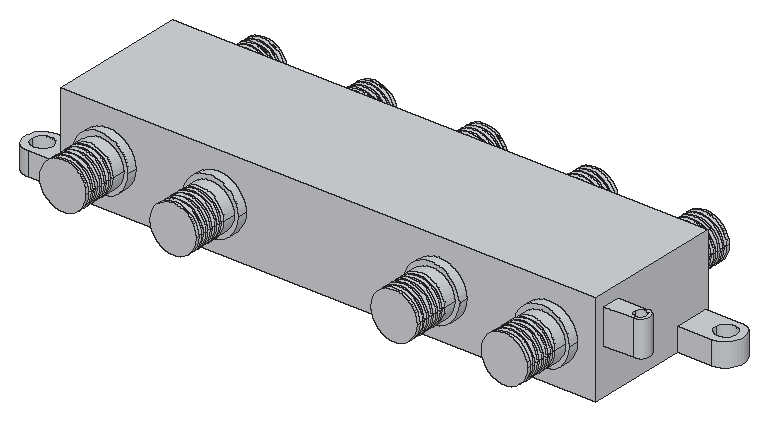
Revit family "Repetidor 812 ", category Aparatos eléctricos, Revit 2019 (continued)
Automatic sketch dimensions
  Revolve 43 sketch curve to Revolve 43 sketch curve = 0.97 mm
  Revolve 43 sketch curve to Revolve 43 sketch curve = 10.574 mm
  Revolve 44 sketch curve to Revolve 44 sketch curve = 0.79 mm
  Revolve 44 sketch curve to Revolve 44 sketch curve = 0.456 mm
  Revolve 44 sketch curve to Revolve 44 sketch curve = 0.912 mm
  Revolve 44 sketch curve to Revolve 44 sketch curve = 5.00 mm
  Revolve 44 sketch curve to Revolve 44 sketch curve = 2.082 mm
  Revolve 44 sketch curve to Revolve 44 sketch curve = 9.461 mm
  Revolve 45 sketch curve to Revolve 45 sketch curve = 0.79 mm
  Revolve 45 sketch curve to Revolve 45 sketch curve = 0.456 mm
  Revolve 46 sketch curve to Revolve 46 sketch curve = 0.79 mm
  Revolve 46 sketch curve to Revolve 46 sketch curve = 0.456 mm
  Revolve 46 sketch curve to Revolve 46 sketch curve = 4.21 mm
  Revolve 47 sketch curve to Revolve 47 sketch curve = 0.79 mm
  Revolve 47 sketch curve to Revolve 47 sketch curve = 0.456 mm
  Revolve 47 sketch curve to Revolve 47 sketch curve = 4.21 mm
  Revolve 47 sketch curve to Revolve 47 sketch curve = 4.318 mm
  Revolve 48 sketch curve to Revolve 48 sketch curve = 0.79 mm
  Revolve 48 sketch curve to Revolve 48 sketch curve = 0.456 mm
  Revolve 48 sketch curve to Revolve 48 sketch curve = 3.118 mm
  Revolve 45 sketch curve to Revolve 45 sketch curve = 0.912 mm
  Revolve 45 sketch curve to Revolve 45 sketch curve = 5.00 mm
  Revolve 45 sketch curve to Revolve 45 sketch curve = 3.282 mm
  Revolve 45 sketch curve to Revolve 45 sketch curve = 8.261 mm
  Revolve 46 sketch curve to Revolve 46 sketch curve = 0.912 mm
  Revolve 46 sketch curve to Revolve 46 sketch curve = 4.482 mm
  Revolve 46 sketch curve to Revolve 46 sketch curve = 5.518 mm
  Revolve 47 sketch curve to Revolve 47 sketch curve = 0.912 mm
  Revolve 47 sketch curve to Revolve 47 sketch curve = 5.682 mm
  Revolve 48 sketch curve to Revolve 48 sketch curve = 0.912 mm
  Revolve 48 sketch curve to Revolve 48 sketch curve = 4.21 mm
  Revolve 48 sketch curve to Revolve 48 sketch curve = 6.882 mm
  Revolve 51 sketch curve to Revolve 51 sketch curve = 0.79 mm
  Revolve 51 sketch curve to Revolve 51 sketch curve = 0.456 mm
  Revolve 51 sketch curve to Revolve 51 sketch curve = 0.912 mm
  Revolve 51 sketch curve to Revolve 51 sketch curve = 5.00 mm
  Revolve 51 sketch curve to Revolve 51 sketch curve = 0.97 mm
  Revolve 51 sketch curve to Revolve 51 sketch curve = 10.574 mm
  Revolve 52 sketch curve to Revolve 52 sketch curve = 0.79 mm
  Revolve 52 sketch curve to Revolve 52 sketch curve = 0.456 mm
  Revolve 52 sketch curve to Revolve 52 sketch curve = 0.912 mm
  Revolve 52 sketch curve to Revolve 52 sketch curve = 5.00 mm
  Revolve 52 sketch curve to Revolve 52 sketch curve = 2.082 mm
  Revolve 52 sketch curve to Revolve 52 sketch curve = 9.461 mm
  Revolve 53 sketch curve to Revolve 53 sketch curve = 0.79 mm
  Revolve 53 sketch curve to Revolve 53 sketch curve = 0.456 mm
  Revolve 54 sketch curve to Revolve 54 sketch curve = 0.79 mm
  Revolve 54 sketch curve to Revolve 54 sketch curve = 0.456 mm
  Revolve 54 sketch curve to Revolve 54 sketch curve = 4.21 mm
  Revolve 55 sketch curve to Revolve 55 sketch curve = 0.79 mm
  Revolve 55 sketch curve to Revolve 55 sketch curve = 0.456 mm
  Revolve 55 sketch curve to Revolve 55 sketch curve = 4.21 mm
  Revolve 55 sketch curve to Revolve 55 sketch curve = 4.318 mm
  Revolve 56 sketch curve to Revolve 56 sketch curve = 0.79 mm
  Revolve 56 sketch curve to Revolve 56 sketch curve = 0.456 mm
  Revolve 56 sketch curve to Revolve 56 sketch curve = 3.118 mm
  Revolve 53 sketch curve to Revolve 53 sketch curve = 0.912 mm
  Revolve 53 sketch curve to Revolve 53 sketch curve = 5.00 mm
  Revolve 53 sketch curve to Revolve 53 sketch curve = 3.282 mm
  Revolve 53 sketch curve to Revolve 53 sketch curve = 8.261 mm
  Revolve 54 sketch curve to Revolve 54 sketch curve = 0.912 mm
  Revolve 54 sketch curve to Revolve 54 sketch curve = 4.482 mm
  Revolve 54 sketch curve to Revolve 54 sketch curve = 5.518 mm
  Revolve 55 sketch curve to Revolve 55 sketch curve = 0.912 mm
  Revolve 55 sketch curve to Revolve 55 sketch curve = 5.682 mm
  Revolve 56 sketch curve to Revolve 56 sketch curve = 0.912 mm
  Revolve 56 sketch curve to Revolve 56 sketch curve = 4.21 mm
  Revolve 56 sketch curve to Revolve 56 sketch curve = 6.882 mm
  Revolve 59 sketch curve to Revolve 59 sketch curve = 0.79 mm
  Revolve 59 sketch curve to Revolve 59 sketch curve = 0.456 mm
  Revolve 59 sketch curve to Revolve 59 sketch curve = 0.912 mm
  Revolve 59 sketch curve to Revolve 59 sketch curve = 5.00 mm
  Revolve 59 sketch curve to Revolve 59 sketch curve = 0.97 mm
  Revolve 59 sketch curve to Revolve 59 sketch curve = 10.574 mm
  Revolve 60 sketch curve to Revolve 60 sketch curve = 0.79 mm
  Revolve 60 sketch curve to Revolve 60 sketch curve = 0.456 mm
  Revolve 60 sketch curve to Revolve 60 sketch curve = 0.912 mm
  Revolve 60 sketch curve to Revolve 60 sketch curve = 5.00 mm
  Revolve 60 sketch curve to Revolve 60 sketch curve = 2.082 mm
  Revolve 60 sketch curve to Revolve 60 sketch curve = 9.461 mm
  Revolve 61 sketch curve to Revolve 61 sketch curve = 0.79 mm
  Revolve 61 sketch curve to Revolve 61 sketch curve = 0.456 mm
  Revolve 62 sketch curve to Revolve 62 sketch curve = 0.79 mm
  Revolve 62 sketch curve to Revolve 62 sketch curve = 0.456 mm
  Revolve 62 sketch curve to Revolve 62 sketch curve = 4.21 mm
  Revolve 63 sketch curve to Revolve 63 sketch curve = 0.79 mm
  Revolve 63 sketch curve to Revolve 63 sketch curve = 0.456 mm
  Revolve 63 sketch curve to Revolve 63 sketch curve = 4.21 mm
  Revolve 63 sketch curve to Revolve 63 sketch curve = 4.318 mm
  Revolve 64 sketch curve to Revolve 64 sketch curve = 0.79 mm
  Revolve 64 sketch curve to Revolve 64 sketch curve = 0.456 mm
  Revolve 64 sketch curve to Revolve 64 sketch curve = 3.118 mm
  Revolve 61 sketch curve to Revolve 61 sketch curve = 0.912 mm
  Revolve 61 sketch curve to Revolve 61 sketch curve = 5.00 mm
  Revolve 61 sketch curve to Revolve 61 sketch curve = 3.282 mm
  Revolve 61 sketch curve to Revolve 61 sketch curve = 8.261 mm
  Revolve 62 sketch curve to Revolve 62 sketch curve = 0.912 mm
  Revolve 62 sketch curve to Revolve 62 sketch curve = 4.482 mm
  Revolve 62 sketch curve to Revolve 62 sketch curve = 5.518 mm
  Revolve 63 sketch curve to Revolve 63 sketch curve = 0.912 mm
  Revolve 63 sketch curve to Revolve 63 sketch curve = 5.682 mm
  Revolve 64 sketch curve to Revolve 64 sketch curve = 0.912 mm
  Revolve 64 sketch curve to Revolve 64 sketch curve = 4.21 mm
  Revolve 64 sketch curve to Revolve 64 sketch curve = 6.882 mm
  Revolve 67 sketch curve to Revolve 67 sketch curve = 0.79 mm
  Revolve 67 sketch curve to Revolve 67 sketch curve = 0.456 mm
  Revolve 67 sketch curve to Revolve 67 sketch curve = 0.912 mm
  Revolve 67 sketch curve to Revolve 67 sketch curve = 5.00 mm
  Revolve 67 sketch curve to Revolve 67 sketch curve = 0.97 mm
  Revolve 67 sketch curve to Revolve 67 sketch curve = 10.574 mm
  Revolve 68 sketch curve to Revolve 68 sketch curve = 0.79 mm
  Revolve 68 sketch curve to Revolve 68 sketch curve = 0.456 mm
  Revolve 68 sketch curve to Revolve 68 sketch curve = 0.912 mm
  Revolve 68 sketch curve to Revolve 68 sketch curve = 5.00 mm
  Revolve 68 sketch curve to Revolve 68 sketch curve = 2.082 mm
  Revolve 68 sketch curve to Revolve 68 sketch curve = 9.461 mm
  Revolve 69 sketch curve to Revolve 69 sketch curve = 0.79 mm
  Revolve 69 sketch curve to Revolve 69 sketch curve = 0.456 mm
  Revolve 70 sketch curve to Revolve 70 sketch curve = 0.79 mm
  Revolve 70 sketch curve to Revolve 70 sketch curve = 0.456 mm
  Revolve 70 sketch curve to Revolve 70 sketch curve = 4.21 mm
  Revolve 71 sketch curve to Revolve 71 sketch curve = 0.79 mm
  Revolve 71 sketch curve to Revolve 71 sketch curve = 0.456 mm
  Revolve 71 sketch curve to Revolve 71 sketch curve = 4.21 mm
  Revolve 71 sketch curve to Revolve 71 sketch curve = 4.318 mm
  Revolve 72 sketch curve to Revolve 72 sketch curve = 0.79 mm
  Revolve 72 sketch curve to Revolve 72 sketch curve = 0.456 mm
  Revolve 72 sketch curve to Revolve 72 sketch curve = 3.118 mm
  Revolve 69 sketch curve to Revolve 69 sketch curve = 0.912 mm
  Revolve 69 sketch curve to Revolve 69 sketch curve = 5.00 mm
  Revolve 69 sketch curve to Revolve 69 sketch curve = 3.282 mm
  Revolve 69 sketch curve to Revolve 69 sketch curve = 8.261 mm
  Revolve 70 sketch curve to Revolve 70 sketch curve = 0.912 mm
  Revolve 70 sketch curve to Revolve 70 sketch curve = 4.482 mm
  Revolve 70 sketch curve to Revolve 70 sketch curve = 5.518 mm
  Revolve 71 sketch curve to Revolve 71 sketch curve = 0.912 mm
  Revolve 71 sketch curve to Revolve 71 sketch curve = 5.682 mm
  Revolve 72 sketch curve to Revolve 72 sketch curve = 0.912 mm
  Revolve 72 sketch curve to Revolve 72 sketch curve = 4.21 mm
  Revolve 72 sketch curve to Revolve 72 sketch curve = 6.882 mm
  Revolve 75 sketch curve to Revolve 75 sketch curve = 0.79 mm
  Revolve 75 sketch curve to Revolve 75 sketch curve = 0.456 mm
  Revolve 75 sketch curve to Revolve 75 sketch curve = 0.912 mm
  Revolve 75 sketch curve to Revolve 75 sketch curve = 5.00 mm
  Revolve 75 sketch curve to Revolve 75 sketch curve = 0.97 mm
  Revolve 75 sketch curve to Revolve 75 sketch curve = 10.574 mm
  Revolve 76 sketch curve to Revolve 76 sketch curve = 0.79 mm
  Revolve 76 sketch curve to Revolve 76 sketch curve = 0.456 mm
  Revolve 76 sketch curve to Revolve 76 sketch curve = 0.912 mm
  Revolve 76 sketch curve to Revolve 76 sketch curve = 5.00 mm
  Revolve 76 sketch curve to Revolve 76 sketch curve = 2.082 mm
  Revolve 76 sketch curve to Revolve 76 sketch curve = 9.461 mm
  Revolve 77 sketch curve to Revolve 77 sketch curve = 0.79 mm  (x2)
  Revolve 77 sketch curve to Revolve 77 sketch curve = 0.456 mm  (x2)
  Revolve 77 sketch curve to Revolve 77 sketch curve = 0.912 mm  (x2)
  Revolve 77 sketch curve to Revolve 77 sketch curve = 5.00 mm  (x2)
  Revolve 77 sketch curve to Revolve 77 sketch curve = 3.282 mm  (x2)
  Revolve 77 sketch curve to Revolve 77 sketch curve = 8.261 mm  (x2)
  Revolve 78 sketch curve to Revolve 78 sketch curve = 0.79 mm  (x2)
  Revolve 78 sketch curve to Revolve 78 sketch curve = 0.456 mm  (x2)
  Revolve 78 sketch curve to Revolve 78 sketch curve = 0.912 mm  (x2)
  Revolve 78 sketch curve to Revolve 78 sketch curve = 4.21 mm  (x2)
  Revolve 78 sketch curve to Revolve 78 sketch curve = 4.482 mm  (x2)
  Revolve 78 sketch curve to Revolve 78 sketch curve = 5.518 mm  (x2)
  Revolve 79 sketch curve to Revolve 79 sketch curve = 0.79 mm  (x2)
  Revolve 79 sketch curve to Revolve 79 sketch curve = 0.456 mm  (x2)
  Revolve 79 sketch curve to Revolve 79 sketch curve = 0.912 mm  (x2)
  Revolve 79 sketch curve to Revolve 79 sketch curve = 4.21 mm  (x2)
  Revolve 79 sketch curve to Revolve 79 sketch curve = 5.682 mm  (x2)
  Revolve 79 sketch curve to Revolve 79 sketch curve = 4.318 mm  (x2)
  Revolve 80 sketch curve to Revolve 80 sketch curve = 0.79 mm  (x2)
  Revolve 80 sketch curve to Revolve 80 sketch curve = 0.456 mm  (x2)
  Revolve 80 sketch curve to Revolve 80 sketch curve = 0.912 mm  (x2)
  Revolve 80 sketch curve to Revolve 80 sketch curve = 4.21 mm  (x2)
  Revolve 80 sketch curve to Revolve 80 sketch curve = 6.882 mm  (x2)
  Revolve 80 sketch curve to Revolve 80 sketch curve = 3.118 mm  (x2)
  Revolve 83 sketch curve to Revolve 83 sketch curve = 0.79 mm
  Revolve 83 sketch curve to Revolve 83 sketch curve = 0.456 mm
  Revolve 83 sketch curve to Revolve 83 sketch curve = 0.912 mm
  Revolve 83 sketch curve to Revolve 83 sketch curve = 5.00 mm
  Revolve 83 sketch curve to Revolve 83 sketch curve = 0.97 mm
  Revolve 83 sketch curve to Revolve 83 sketch curve = 10.574 mm
  Revolve 84 sketch curve to Revolve 84 sketch curve = 0.79 mm
  Revolve 84 sketch curve to Revolve 84 sketch curve = 0.456 mm
  Revolve 84 sketch curve to Revolve 84 sketch curve = 0.912 mm
  Revolve 84 sketch curve to Revolve 84 sketch curve = 5.00 mm
  Revolve 84 sketch curve to Revolve 84 sketch curve = 2.082 mm
  Revolve 84 sketch curve to Revolve 84 sketch curve = 9.461 mm
  Revolve 85 sketch curve to Revolve 85 sketch curve = 0.79 mm  (x2)
  Revolve 85 sketch curve to Revolve 85 sketch curve = 0.456 mm  (x2)
  Revolve 85 sketch curve to Revolve 85 sketch curve = 0.912 mm  (x2)
  Revolve 85 sketch curve to Revolve 85 sketch curve = 5.00 mm  (x2)
  Revolve 85 sketch curve to Revolve 85 sketch curve = 3.282 mm  (x2)
  Revolve 85 sketch curve to Revolve 85 sketch curve = 8.261 mm  (x2)
  Revolve 86 sketch curve to Revolve 86 sketch curve = 0.79 mm  (x2)
  Revolve 86 sketch curve to Revolve 86 sketch curve = 0.456 mm  (x2)
  Revolve 86 sketch curve to Revolve 86 sketch curve = 0.912 mm  (x2)
  Revolve 86 sketch curve to Revolve 86 sketch curve = 4.21 mm  (x2)
  Revolve 86 sketch curve to Revolve 86 sketch curve = 4.482 mm  (x2)
  Revolve 86 sketch curve to Revolve 86 sketch curve = 5.518 mm  (x2)
  Revolve 87 sketch curve to Revolve 87 sketch curve = 0.79 mm  (x2)
  Revolve 87 sketch curve to Revolve 87 sketch curve = 0.456 mm  (x2)
  Revolve 87 sketch curve to Revolve 87 sketch curve = 0.912 mm  (x2)
  Revolve 87 sketch curve to Revolve 87 sketch curve = 4.21 mm  (x2)
  Revolve 87 sketch curve to Revolve 87 sketch curve = 5.682 mm  (x2)
  Revolve 87 sketch curve to Revolve 87 sketch curve = 4.318 mm  (x2)
  Revolve 88 sketch curve to Revolve 88 sketch curve = 0.79 mm  (x2)
  Revolve 88 sketch curve to Revolve 88 sketch curve = 0.456 mm  (x2)
  Revolve 88 sketch curve to Revolve 88 sketch curve = 0.912 mm  (x2)
  Revolve 88 sketch curve to Revolve 88 sketch curve = 4.21 mm  (x2)
  Revolve 88 sketch curve to Revolve 88 sketch curve = 6.882 mm  (x2)
  Revolve 88 sketch curve to Revolve 88 sketch curve = 3.118 mm  (x2)
  Revolve 91 sketch curve to Revolve 91 sketch curve = 0.79 mm
  Revolve 91 sketch curve to Revolve 91 sketch curve = 0.456 mm
  Revolve 91 sketch curve to Revolve 91 sketch curve = 0.912 mm
  Revolve 91 sketch curve to Revolve 91 sketch curve = 5.00 mm
  Revolve 91 sketch curve to Revolve 91 sketch curve = 0.97 mm
  Revolve 91 sketch curve to Revolve 91 sketch curve = 10.574 mm
  Revolve 92 sketch curve to Revolve 92 sketch curve = 0.79 mm
  Revolve 92 sketch curve to Revolve 92 sketch curve = 0.456 mm
  Revolve 92 sketch curve to Revolve 92 sketch curve = 0.912 mm
  Revolve 92 sketch curve to Revolve 92 sketch curve = 5.00 mm
  Revolve 92 sketch curve to Revolve 92 sketch curve = 2.082 mm
  Revolve 92 sketch curve to Revolve 92 sketch curve = 9.461 mm
  Revolve 93 sketch curve to Revolve 93 sketch curve = 0.79 mm  (x2)
  Revolve 93 sketch curve to Revolve 93 sketch curve = 0.456 mm  (x2)
  Revolve 93 sketch curve to Revolve 93 sketch curve = 0.912 mm  (x2)
  Revolve 93 sketch curve to Revolve 93 sketch curve = 5.00 mm  (x2)
  Revolve 93 sketch curve to Revolve 93 sketch curve = 3.282 mm  (x2)
  Revolve 93 sketch curve to Revolve 93 sketch curve = 8.261 mm  (x2)
  Revolve 94 sketch curve to Revolve 94 sketch curve = 0.79 mm  (x2)
  Revolve 94 sketch curve to Revolve 94 sketch curve = 0.456 mm  (x2)
  Revolve 94 sketch curve to Revolve 94 sketch curve = 0.912 mm  (x2)
  Revolve 94 sketch curve to Revolve 94 sketch curve = 4.21 mm  (x2)
  Revolve 94 sketch curve to Revolve 94 sketch curve = 4.482 mm  (x2)
  Revolve 94 sketch curve to Revolve 94 sketch curve = 5.518 mm  (x2)
  Revolve 95 sketch curve to Revolve 95 sketch curve = 0.79 mm  (x2)
  Revolve 95 sketch curve to Revolve 95 sketch curve = 0.456 mm  (x2)
  Revolve 95 sketch curve to Revolve 95 sketch curve = 0.912 mm  (x2)
  Revolve 95 sketch curve to Revolve 95 sketch curve = 4.21 mm  (x2)
  Revolve 95 sketch curve to Revolve 95 sketch curve = 5.682 mm  (x2)
  Revolve 95 sketch curve to Revolve 95 sketch curve = 4.318 mm  (x2)
  Revolve 96 sketch curve to Revolve 96 sketch curve = 0.79 mm  (x2)
  Revolve 96 sketch curve to Revolve 96 sketch curve = 0.456 mm  (x2)
  Revolve 96 sketch curve to Revolve 96 sketch curve = 0.912 mm  (x2)
  Revolve 96 sketch curve to Revolve 96 sketch curve = 4.21 mm  (x2)
  Revolve 96 sketch curve to Revolve 96 sketch curve = 6.882 mm  (x2)
  Revolve 96 sketch curve to Revolve 96 sketch curve = 3.118 mm  (x2)
  curve 107 to curve 102 = 0.00 mm
  curve 101 to curve 101 = 0.528 mm
  curve 99 to curve 98 = 0.762 mm
  curve 98 to curve 105 = 0.297 mm
  curve 104 to curve 108 = 0.066 mm
  curve 98 to curve 109 = 0.534 mm
  curve 109 to curve 97 = 0.131 mm
  curve 97 to curve 97 = 0.766 mm
  curve 108 to curve 192 = 1.141 mm
  curve 191 to curve 190 = 0.208 mm
  curve 191 to curve 193 = 0.451 mm
  curve 189 to curve 177 = 0.034 mm
  curve 110 to curve 111 = 0.555 mm
  curve 189 to curve 177 = 0.957 mm
  curve 176 to curve 111 = 0.219 mm
  curve 195 to curve 195 = 0.153 mm
  curve 195 to curve 176 = 0.047 mm
  curve 195 to curve 174 = 0.153 mm
  curve 176 to curve 175 = 0.421 mm
  curve 110 to curve 194 = 1.622 mm
  curve 175 to curve 114 = 0.892 mm
  curve 174 to curve 175 = 0.494 mm
  curve 175 to curve 164 = 0.033 mm
  curve 175 to curve 159 = 0.145 mm
  curve 164 to curve 162 = 0.253 mm
  curve 175 to curve 116 = 0.469 mm
  curve 116 to curve 115 = 0.035 mm
  curve 161 to curve 161 = 0.231 mm
  curve 114 to curve 112 = 0.544 mm
  curve 113 to curve 119 = 0.167 mm
  curve 161 to curve 160 = 0.239 mm
  curve 161 to curve 159 = 0.03 mm
  curve 159 to curve 199 = 0.262 mm
  curve 115 to curve 116 = 1.005 mm
  curve 116 to curve 117 = 0.019 mm
  curve 117 to curve 118 = 0.019 mm
  curve 118 to curve 120 = 0.521 mm
  curve 165 to curve 166 = 2.403 mm
  curve 160 to curve 160 = 1.704 mm
  curve 112 to curve 123 = 0.451 mm
  curve 117 to curve 158 = 1.04 mm
  curve 167 to curve 164 = 0.091 mm
  curve 160 to curve 202 = 0.132 mm
  curve 167 to curve 167 = 0.224 mm
  curve 164 to curve 201 = 0.186 mm
  curve 157 to curve 197 = 0.198 mm
  curve 160 to curve 196 = 0.264 mm
  curve 164 to curve 163 = 0.25 mm
  curve 198 to curve 198 = 0.079 mm
  curve 197 to curve 157 = 0.085 mm
  curve 198 to curve 154 = 0.079 mm
  curve 124 to curve 125 = 0.423 mm
  curve 167 to curve 168 = 0.265 mm
  curve 124 to curve 121 = 0.477 mm
  curve 121 to curve 124 = 0.103 mm
  curve 157 to curve 156 = 0.283 mm
  curve 124 to curve 178 = 0.078 mm
  curve 124 to curve 180 = 0.15 mm
  curve 202 to curve 171 = 0.785 mm
  curve 180 to curve 178 = 0.716 mm
  curve 201 to curve 163 = 1.428 mm
  curve 125 to curve 129 = 0.222 mm
  curve 170 to curve 200 = 0.771 mm
  curve 196 to curve 200 = 0.177 mm
  curve 173 to curve 154 = 0.184 mm
  curve 128 to curve 130 = 0.491 mm
  curve 183 to curve 127 = 0.058 mm
  curve 127 to curve 126 = 0.094 mm
  curve 154 to curve 155 = 0.215 mm
  curve 183 to curve 183 = 0.296 mm
  curve 155 to curve 156 = 0.215 mm
  curve 162 to curve 170 = 0.971 mm
  curve 173 to curve 173 = 0.687 mm
  curve 182 to curve 182 = 1.19 mm
  curve 126 to curve 187 = 0.35 mm
  curve 185 to curve 132 = 0.244 mm
  curve 185 to curve 131 = 0.487 mm
  curve 131 to curve 142 = 0.395 mm
  curve 133 to curve 134 = 0.505 mm
  curve 134 to curve 136 = 0.728 mm
  curve 136 to curve 140 = 0.096 mm
  curve 135 to curve 141 = 0.38 mm
  curve 136 to curve 138 = 0.571 mm
  curve 137 to curve 139 = 0.498 mm
  curve 138 to curve 145 = 0.342 mm
  curve 146 to curve 147 = 0.473 mm
  curve 146 to curve 146 = 0.513 mm
  curve 144 to curve 144 = 0.526 mm
  curve 144 to curve 149 = 0.167 mm
  curve 146 to curve 147 = 1.00 mm
  curve 148 to curve 148 = 0.019 mm
  curve 148 to curve 149 = 0.019 mm
  curve 149 to curve 188 = 0.521 mm
  curve 189 to curve 133 = 0.00 mm
  curve 131 to curve 133 = 0.00 mm
  curve 100 to curve 97 = 0.00 mm
  curve 133 to curve 137 = 0.00 mm
  curve 138 to curve 188 = 0.00 mm
  curve 184 to curve 185 = 0.00 mm
  curve 181 to curve 126 = 0.00 mm
  curve 112 to curve 122 = 0.054 mm
  curve 189 to curve 177 = 0.264 mm
  curve 177 to curve 175 = 0.006 mm
  curve 143 to curve 188 = 0.481 mm
  curve 112 to curve 181 = 0.481 mm
  curve 150 to curve 144 = 0.045 mm
  curve 126 to curve 182 = 0.529 mm
  curve 183 to curve 127 = 0.015 mm
  curve 120 to curve 113 = 0.063 mm
  curve 150 to curve 150 = 0.208 mm
  curve 120 to curve 119 = 0.208 mm
  curve 176 to curve 111 = 0.23 mm
  curve 195 to curve 195 = 0.057 mm
  curve 127 to curve 130 = 0.273 mm
  curve 100 to curve 99 = 1.074 mm
  curve 99 to curve 98 = 0.007 mm
  curve 98 to curve 109 = 0.047 mm
  curve 137 to curve 136 = 1.145 mm
  curve 136 to curve 140 = 0.077 mm
  curve 140 to curve 137 = 0.066 mm
  curve 127 to curve 180 = 0.852 mm
  curve 149 to curve 148 = 0.653 mm
  curve 117 to curve 117 = 0.655 mm
  curve 99 to curve 103 = 0.537 mm
  curve 124 to curve 178 = 0.071 mm
  curve 103 to curve 104 = 0.327 mm
  curve 104 to curve 108 = 0.025 mm
  curve 108 to curve 192 = 0.256 mm
  curve 141 to curve 185 = 0.066 mm
  curve 189 to curve 110 = 0.036 mm
  curve 115 to curve 194 = 0.567 mm
  curve 191 to curve 190 = 0.48 mm
  curve 131 to curve 132 = 0.48 mm
  curve 125 to curve 128 = 0.577 mm
  curve 125 to curve 158 = 1.486 mm
  curve 156 to curve 157 = 0.485 mm
  curve 157 to curve 154 = 0.487 mm
  curve 154 to curve 198 = 0.114 mm
  curve 129 to curve 156 = 2.071 mm
  curve 155 to curve 155 = 0.391 mm
  curve 197 to curve 158 = 0.633 mm
  curve 158 to curve 199 = 0.516 mm
  curve 197 to curve 199 = 0.414 mm
  curve 155 to curve 200 = 0.624 mm
  curve 159 to curve 160 = 0.453 mm
  curve 173 to curve 173 = 0.429 mm
  curve 173 to curve 200 = 0.454 mm
  curve 160 to curve 161 = 0.425 mm
  curve 172 to curve 172 = 0.574 mm
  curve 196 to curve 202 = 0.692 mm
  curve 202 to curve 196 = 0.234 mm
  curve 202 to curve 170 = 0.572 mm
  curve 161 to curve 165 = 1.445 mm
  curve 170 to curve 169 = 0.918 mm
  curve 169 to curve 163 = 0.53 mm
  curve 164 to curve 165 = 1.024 mm
  curve 162 to curve 201 = 0.346 mm
  curve 169 to curve 168 = 1.054 mm
  curve 201 to curve 164 = 0.339 mm
  curve 163 to curve 167 = 0.556 mm
  curve 167 to curve 168 = 0.376 mm
  curve 153 to curve 117 = 0.431 mm
  curve 117 to curve 153 = 0.172 mm
  curve 152 to curve 148 = 0.431 mm
  curve 148 to curve 152 = 0.172 mm
  curve 152 to curve 148 = 0.06 mm
  curve 153 to curve 117 = 0.062 mm
  curve 269 to curve 266 = 0.00 mm
  curve 265 to curve 264 = 0.773 mm
  curve 263 to curve 263 = 1.115 mm
  curve 262 to curve 269 = 0.434 mm
  curve 268 to curve 272 = 0.097 mm
  curve 262 to curve 273 = 0.782 mm
  curve 272 to curve 261 = 0.107 mm
  curve 261 to curve 261 = 1.096 mm
  curve 272 to curve 253 = 3.657 mm
  curve 253 to curve 254 = 0.008 mm
  curve 253 to curve 252 = 0.108 mm
  curve 254 to curve 255 = 0.116 mm
  curve 254 to curve 257 = 0.221 mm
  curve 253 to curve 249 = 0.229 mm
  curve 248 to curve 248 = 1.845 mm
  curve 255 to curve 260 = 0.00 mm
  curve 252 to curve 260 = 0.00 mm
  curve 250 to curve 281 = 1.125 mm
  curve 255 to curve 275 = 1.125 mm
  curve 276 to curve 277 = 0.594 mm
  curve 277 to curve 278 = 0.012 mm
  curve 277 to curve 284 = 0.263 mm
  curve 277 to curve 283 = 1.739 mm
  curve 283 to curve 279 = 0.079 mm
  curve 283 to curve 280 = 0.079 mm
  curve 264 to curve 261 = 0.00 mm
  curve 261 to curve 276 = 0.00 mm
  curve 255 to curve 275 = 0.00 mm
  curve 255 to curve 256 = 0.387 mm
  curve 257 to curve 254 = 0.237 mm
  curve 254 to curve 258 = 0.205 mm
  curve 264 to curve 264 = 1.432 mm
  curve 263 to curve 262 = 0.01 mm
  curve 262 to curve 273 = 0.069 mm
  curve 274 to curve 284 = 1.525 mm
  curve 274 to curve 276 = 0.174 mm
  curve 259 to curve 260 = 0.348 mm
  curve 263 to curve 266 = 0.786 mm
  curve 268 to curve 268 = 0.478 mm
  curve 278 to curve 279 = 0.435 mm
  curve 268 to curve 272 = 0.036 mm
  curve 279 to curve 283 = 0.025 mm
  curve 248 to curve 249 = 0.43 mm
  curve 253 to curve 249 = 0.212 mm
  curve 280 to curve 281 = 0.828 mm
  curve 250 to curve 251 = 0.383 mm
  curve 328 to curve 323 = 0.00 mm
  curve 322 to curve 322 = 0.528 mm
  curve 320 to curve 319 = 0.762 mm
  curve 319 to curve 326 = 0.297 mm
  curve 325 to curve 329 = 0.066 mm
  curve 319 to curve 330 = 0.534 mm
  curve 330 to curve 318 = 0.131 mm
  curve 318 to curve 318 = 0.766 mm
  curve 329 to curve 413 = 1.141 mm
  curve 412 to curve 411 = 0.208 mm
  curve 412 to curve 414 = 0.451 mm
  curve 410 to curve 398 = 0.034 mm
  curve 331 to curve 332 = 0.555 mm
  curve 410 to curve 398 = 0.957 mm
  curve 397 to curve 332 = 0.219 mm
  curve 416 to curve 416 = 0.153 mm
  curve 416 to curve 397 = 0.047 mm
  curve 416 to curve 395 = 0.153 mm
  curve 397 to curve 396 = 0.421 mm
  curve 331 to curve 415 = 1.622 mm
  curve 396 to curve 335 = 0.892 mm
  curve 395 to curve 396 = 0.494 mm
  curve 396 to curve 385 = 0.033 mm
  curve 396 to curve 380 = 0.145 mm
  curve 385 to curve 383 = 0.253 mm
  curve 396 to curve 337 = 0.469 mm
  curve 337 to curve 336 = 0.035 mm
  curve 382 to curve 382 = 0.231 mm
  curve 335 to curve 333 = 0.544 mm
  curve 334 to curve 340 = 0.167 mm
  curve 382 to curve 381 = 0.239 mm
  curve 382 to curve 380 = 0.03 mm
  curve 380 to curve 420 = 0.262 mm
  curve 336 to curve 337 = 1.005 mm
  curve 337 to curve 338 = 0.019 mm
  curve 338 to curve 339 = 0.019 mm
  curve 339 to curve 341 = 0.521 mm
  curve 386 to curve 387 = 2.403 mm
  curve 381 to curve 381 = 1.704 mm
  curve 333 to curve 344 = 0.451 mm
  curve 338 to curve 379 = 1.04 mm
  curve 388 to curve 385 = 0.091 mm
  curve 381 to curve 423 = 0.132 mm
  curve 388 to curve 388 = 0.224 mm
  curve 385 to curve 422 = 0.186 mm
  curve 378 to curve 418 = 0.198 mm
  curve 381 to curve 417 = 0.264 mm
  curve 385 to curve 384 = 0.25 mm
  curve 419 to curve 419 = 0.079 mm
  curve 418 to curve 378 = 0.085 mm
  curve 419 to curve 375 = 0.079 mm
  curve 345 to curve 346 = 0.423 mm
  curve 388 to curve 389 = 0.265 mm
  curve 345 to curve 342 = 0.477 mm
  curve 342 to curve 345 = 0.103 mm
  curve 378 to curve 377 = 0.283 mm
  curve 345 to curve 399 = 0.078 mm
  curve 345 to curve 401 = 0.15 mm
  curve 423 to curve 392 = 0.785 mm
  curve 401 to curve 399 = 0.716 mm
  curve 422 to curve 384 = 1.428 mm
  curve 346 to curve 350 = 0.222 mm
  curve 391 to curve 421 = 0.771 mm
  curve 417 to curve 421 = 0.177 mm
  curve 394 to curve 375 = 0.184 mm
  curve 349 to curve 351 = 0.491 mm
  curve 404 to curve 348 = 0.058 mm
  curve 348 to curve 347 = 0.094 mm
  curve 375 to curve 376 = 0.215 mm
  curve 404 to curve 404 = 0.296 mm
  curve 376 to curve 377 = 0.215 mm
  curve 383 to curve 391 = 0.971 mm
  curve 394 to curve 394 = 0.687 mm
  curve 403 to curve 403 = 1.19 mm
  curve 347 to curve 408 = 0.35 mm
  curve 406 to curve 353 = 0.244 mm
  curve 406 to curve 352 = 0.487 mm
  curve 352 to curve 363 = 0.395 mm
  curve 354 to curve 355 = 0.505 mm
  curve 355 to curve 357 = 0.728 mm
  curve 357 to curve 361 = 0.096 mm
  curve 356 to curve 362 = 0.38 mm
  curve 357 to curve 359 = 0.571 mm
  curve 358 to curve 360 = 0.498 mm
  curve 359 to curve 366 = 0.342 mm
  curve 367 to curve 368 = 0.473 mm
  curve 367 to curve 367 = 0.513 mm
  curve 365 to curve 365 = 0.526 mm
  curve 365 to curve 370 = 0.167 mm
  curve 367 to curve 368 = 1.00 mm
  curve 369 to curve 369 = 0.019 mm
  curve 369 to curve 370 = 0.019 mm
  curve 370 to curve 409 = 0.521 mm
  curve 410 to curve 354 = 0.00 mm
  curve 352 to curve 354 = 0.00 mm
  curve 321 to curve 318 = 0.00 mm
  curve 354 to curve 358 = 0.00 mm
  curve 359 to curve 409 = 0.00 mm
  curve 405 to curve 406 = 0.00 mm
  curve 402 to curve 347 = 0.00 mm
  curve 333 to curve 343 = 0.054 mm
  curve 410 to curve 398 = 0.264 mm
  curve 398 to curve 396 = 0.006 mm
  curve 364 to curve 409 = 0.481 mm
  curve 333 to curve 402 = 0.481 mm
  curve 371 to curve 365 = 0.045 mm
  curve 347 to curve 403 = 0.529 mm
  curve 404 to curve 348 = 0.015 mm
  curve 341 to curve 334 = 0.063 mm
  curve 371 to curve 371 = 0.208 mm
  curve 341 to curve 340 = 0.208 mm
  curve 397 to curve 332 = 0.23 mm
  curve 416 to curve 416 = 0.057 mm
  curve 348 to curve 351 = 0.273 mm
  curve 321 to curve 320 = 1.074 mm
  curve 320 to curve 319 = 0.007 mm
  curve 319 to curve 330 = 0.047 mm
  curve 358 to curve 357 = 1.145 mm
  curve 357 to curve 361 = 0.077 mm
  curve 361 to curve 358 = 0.066 mm
  curve 348 to curve 401 = 0.852 mm
  curve 370 to curve 369 = 0.653 mm
  curve 338 to curve 338 = 0.655 mm
  curve 320 to curve 324 = 0.537 mm
  curve 345 to curve 399 = 0.071 mm
  curve 324 to curve 325 = 0.327 mm
  curve 325 to curve 329 = 0.025 mm
  curve 329 to curve 413 = 0.256 mm
  curve 362 to curve 406 = 0.066 mm
  curve 410 to curve 331 = 0.036 mm
  curve 336 to curve 415 = 0.567 mm
  curve 412 to curve 411 = 0.48 mm
  curve 352 to curve 353 = 0.48 mm
  curve 346 to curve 349 = 0.577 mm
  curve 346 to curve 379 = 1.486 mm
  curve 377 to curve 378 = 0.485 mm
  curve 378 to curve 375 = 0.487 mm
  curve 375 to curve 419 = 0.114 mm
  curve 350 to curve 377 = 2.071 mm
  curve 376 to curve 376 = 0.391 mm
  curve 418 to curve 379 = 0.633 mm
  curve 379 to curve 420 = 0.516 mm
  curve 418 to curve 420 = 0.414 mm
  curve 376 to curve 421 = 0.624 mm
  curve 380 to curve 381 = 0.453 mm
  curve 394 to curve 394 = 0.429 mm
  curve 394 to curve 421 = 0.454 mm
  curve 381 to curve 382 = 0.425 mm
  curve 393 to curve 393 = 0.574 mm
  curve 417 to curve 423 = 0.692 mm
  curve 423 to curve 417 = 0.234 mm
  curve 423 to curve 391 = 0.572 mm
  curve 382 to curve 386 = 1.445 mm
  curve 391 to curve 390 = 0.918 mm
  curve 390 to curve 384 = 0.53 mm
  curve 385 to curve 386 = 1.024 mm
  curve 383 to curve 422 = 0.346 mm
  curve 390 to curve 389 = 1.054 mm
  curve 422 to curve 385 = 0.339 mm
  curve 384 to curve 388 = 0.556 mm
  curve 388 to curve 389 = 0.376 mm
  curve 374 to curve 338 = 0.431 mm
  curve 338 to curve 374 = 0.172 mm
  curve 373 to curve 369 = 0.431 mm
  curve 369 to curve 373 = 0.172 mm
  curve 373 to curve 369 = 0.06 mm
  curve 374 to curve 338 = 0.062 mm
  curve 573 to curve 570 = 0.00 mm
  curve 569 to curve 568 = 0.773 mm
  curve 567 to curve 567 = 1.115 mm
  curve 566 to curve 573 = 0.434 mm
  curve 572 to curve 576 = 0.097 mm
  curve 566 to curve 577 = 0.782 mm
  curve 576 to curve 565 = 0.107 mm
  curve 565 to curve 565 = 1.096 mm
  curve 576 to curve 557 = 3.657 mm
  curve 557 to curve 558 = 0.008 mm
  curve 557 to curve 556 = 0.108 mm
  curve 558 to curve 559 = 0.116 mm
  curve 558 to curve 561 = 0.221 mm
  curve 557 to curve 553 = 0.229 mm
  curve 552 to curve 552 = 1.845 mm
  curve 559 to curve 564 = 0.00 mm
  curve 556 to curve 564 = 0.00 mm
  curve 554 to curve 585 = 1.125 mm
  curve 559 to curve 579 = 1.125 mm
  curve 580 to curve 581 = 0.594 mm
  curve 581 to curve 582 = 0.012 mm
  curve 581 to curve 588 = 0.263 mm
  curve 581 to curve 587 = 1.739 mm
  curve 587 to curve 583 = 0.079 mm
  curve 587 to curve 584 = 0.079 mm
  curve 568 to curve 565 = 0.00 mm
  curve 565 to curve 580 = 0.00 mm
  curve 559 to curve 579 = 0.00 mm
  curve 559 to curve 560 = 0.387 mm
  curve 561 to curve 558 = 0.237 mm
  curve 558 to curve 562 = 0.205 mm
  curve 568 to curve 568 = 1.432 mm
  curve 567 to curve 566 = 0.01 mm
  curve 566 to curve 577 = 0.069 mm
  curve 578 to curve 588 = 1.525 mm
  curve 578 to curve 580 = 0.174 mm
  curve 563 to curve 564 = 0.348 mm
  curve 567 to curve 570 = 0.786 mm
  curve 572 to curve 572 = 0.478 mm
  curve 582 to curve 583 = 0.435 mm
  curve 572 to curve 576 = 0.036 mm
  curve 583 to curve 587 = 0.025 mm
  curve 552 to curve 553 = 0.43 mm
  curve 557 to curve 553 = 0.212 mm
  curve 584 to curve 585 = 0.828 mm
  curve 554 to curve 555 = 0.383 mm
  plane 4 "Centro I/E" to curve 10 = 1.50 mm
  curve 12 to plane 5 "Centro I/F" = 1.50 mm
  curve 12 to plane 7 "Centro I/H" = 1.50 mm
  plane 6 "Centro I/G" to curve 13 = 1.50 mm
  curve 589 to curve 591 = 10.00 mm
  curve 590 to curve 591 = 10.00 mm
  curve 589 to curve 589 = 10.00 mm
  curve 592 to curve 594 = 10.00 mm
  curve 593 to curve 594 = 10.00 mm
  curve 592 to curve 592 = 10.00 mm
  curve 595 to curve 597 = 10.00 mm
  curve 596 to curve 597 = 10.00 mm
  curve 595 to curve 595 = 10.00 mm
  curve 598 to curve 600 = 10.00 mm
  curve 599 to curve 600 = 10.00 mm
  curve 598 to curve 598 = 10.00 mm
  curve 601 to curve 603 = 10.00 mm
  curve 602 to curve 603 = 10.00 mm
  curve 601 to curve 601 = 10.00 mm
  curve 605 to curve 605 = 1.956 mm
  curve 604 to curve 604 = 6.519 mm
  curve 606 to curve 604 = 0.00 mm
  curve 608 to curve 608 = 1.956 mm
  curve 607 to curve 607 = 6.519 mm
  curve 609 to curve 607 = 0.00 mm
  curve 610 to curve 612 = 10.00 mm
  curve 610 to curve 610 = 10.00 mm
  curve 612 to curve 611 = 10.00 mm
  curve 613 to curve 615 = 10.00 mm
  curve 613 to curve 613 = 10.00 mm
  curve 615 to curve 614 = 10.00 mm
  curve 616 to curve 618 = 10.00 mm
  curve 616 to curve 616 = 10.00 mm
  curve 618 to curve 617 = 10.00 mm
  curve 619 to curve 621 = 10.00 mm
  curve 619 to curve 619 = 10.00 mm
  curve 621 to curve 620 = 10.00 mm
  curve 622 to curve 624 = 10.00 mm
  curve 622 to curve 622 = 10.00 mm
  curve 624 to curve 623 = 10.00 mm
  curve 625 to curve 627 = 10.00 mm
  curve 625 to curve 625 = 10.00 mm
  curve 627 to curve 626 = 10.00 mm
  curve 284 to curve 297 = 6.689 mm
  curve 297 to curve 297 = 1.03 mm
  curve 297 to curve 284 = 1.393 mm
  curve 297 to curve 291 = 0.127 mm
  curve 291 to curve 291 = 0.127 mm
  curve 287 to curve 297 = 0.127 mm
  curve 297 to curve 287 = 1.104 mm
  curve 287 to curve 287 = 0.127 mm
  curve 287 to curve 286 = 0.118 mm
  curve 286 to curve 286 = 0.118 mm
  curve 290 to curve 291 = 0.118 mm
  curve 291 to curve 290 = 1.068 mm
  curve 289 to curve 290 = 0.25 mm
  curve 289 to curve 290 = 0.042 mm
  curve 286 to curve 285 = 0.25 mm
  curve 285 to curve 286 = 0.042 mm
  curve 285 to curve 285 = 0.469 mm
  curve 292 to curve 291 = 0.242 mm
  curve 291 to curve 292 = 0.077 mm
  curve 287 to curve 288 = 0.242 mm
  curve 287 to curve 288 = 0.077 mm
  curve 288 to curve 287 = 0.406 mm
  curve 290 to curve 314 = 4.663 mm
  curve 314 to curve 291 = 0.657 mm
  curve 314 to curve 314 = 4.199 mm
  curve 312 to curve 314 = 1.445 mm
  curve 313 to curve 314 = 0.447 mm
  curve 316 to curve 312 = 0.568 mm
  curve 312 to curve 316 = 0.119 mm
  curve 316 to curve 316 = 0.462 mm
  curve 316 to curve 316 = 0.077 mm
  curve 316 to curve 316 = 0.516 mm
  curve 314 to curve 307 = 1.842 mm
  curve 307 to curve 307 = 2.31 mm
  curve 307 to curve 314 = 1.217 mm
  curve 307 to curve 306 = 0.454 mm
  curve 307 to curve 305 = 0.234 mm
  curve 304 to curve 307 = 0.365 mm
  curve 304 to curve 304 = 0.143 mm
  curve 308 to curve 304 = 0.076 mm
  curve 308 to curve 304 = 0.017 mm
  curve 306 to curve 309 = 0.502 mm
  curve 309 to curve 306 = 0.989 mm
  curve 309 to curve 303 = 0.246 mm
  curve 303 to curve 309 = 0.862 mm
  curve 302 to curve 302 = 0.322 mm
  curve 310 to curve 302 = 0.129 mm
  curve 310 to curve 302 = 0.079 mm
  curve 310 to curve 310 = 0.005 mm
  curve 303 to curve 300 = 0.624 mm
  curve 300 to curve 300 = 0.467 mm
  curve 588 to curve 640 = 6.689 mm
  curve 640 to curve 640 = 1.03 mm
  curve 640 to curve 588 = 1.393 mm
  curve 640 to curve 634 = 0.127 mm
  curve 634 to curve 634 = 0.127 mm
  curve 630 to curve 640 = 0.127 mm
  curve 640 to curve 630 = 1.104 mm
  curve 630 to curve 630 = 0.127 mm
  curve 630 to curve 629 = 0.118 mm
  curve 629 to curve 629 = 0.118 mm
  curve 633 to curve 634 = 0.118 mm
  curve 634 to curve 633 = 1.068 mm
  curve 632 to curve 633 = 0.25 mm
  curve 632 to curve 633 = 0.042 mm
  curve 629 to curve 628 = 0.25 mm
  curve 628 to curve 629 = 0.042 mm
  curve 628 to curve 628 = 0.469 mm
  curve 635 to curve 634 = 0.242 mm
  curve 634 to curve 635 = 0.077 mm
  curve 630 to curve 631 = 0.242 mm
  curve 630 to curve 631 = 0.077 mm
  curve 631 to curve 630 = 0.406 mm
  curve 633 to curve 657 = 4.663 mm
  curve 657 to curve 634 = 0.657 mm
  curve 657 to curve 657 = 4.199 mm
  curve 655 to curve 657 = 1.445 mm
  curve 656 to curve 657 = 0.447 mm
  curve 659 to curve 655 = 0.568 mm
  curve 655 to curve 659 = 0.119 mm
  curve 659 to curve 659 = 0.462 mm
  curve 659 to curve 659 = 0.077 mm
  curve 659 to curve 659 = 0.516 mm
  curve 657 to curve 650 = 1.842 mm
  curve 650 to curve 650 = 2.31 mm
  curve 650 to curve 657 = 1.217 mm
  curve 650 to curve 649 = 0.454 mm
  curve 650 to curve 648 = 0.234 mm
  curve 647 to curve 650 = 0.365 mm
  curve 647 to curve 647 = 0.143 mm
  curve 651 to curve 647 = 0.076 mm
  curve 651 to curve 647 = 0.017 mm
  curve 649 to curve 652 = 0.502 mm
  curve 652 to curve 649 = 0.989 mm
  curve 652 to curve 646 = 0.246 mm
  curve 646 to curve 652 = 0.862 mm
  curve 645 to curve 645 = 0.322 mm
  curve 653 to curve 645 = 0.129 mm
  curve 653 to curve 645 = 0.079 mm
  curve 653 to curve 653 = 0.005 mm
  curve 646 to curve 643 = 0.624 mm
  curve 643 to curve 643 = 0.467 mm
  curve 60 to curve 80 = 0.00 mm  (x2)
  curve 62 to curve 77 = 0.00 mm  (x2)
  curve 85 to curve 85 = 0.193 mm
  curve 72 to curve 60 = 0.912 mm
  curve 71 to curve 92 = 0.83 mm
  curve 91 to curve 87 = 0.323 mm
  curve 60 to curve 63 = 1.092 mm
  curve 63 to curve 79 = 0.134 mm
  curve 87 to curve 91 = 0.732 mm
  curve 87 to curve 90 = 0.00 mm
  curve 87 to curve 93 = 0.758 mm
  curve 93 to curve 94 = 0.07 mm
  curve 75 to curve 77 = 0.526 mm
  curve 86 to curve 88 = 0.567 mm
  curve 88 to curve 95 = 0.047 mm
  curve 95 to curve 90 = 0.047 mm
  curve 62 to curve 76 = 0.527 mm
  curve 76 to curve 78 = 0.134 mm
  curve 61 to curve 82 = 0.131 mm
  curve 86 to curve 70 = 1.694 mm
  curve 62 to curve 65 = 0.627 mm
  curve 69 to curve 84 = 0.192 mm
  curve 84 to curve 74 = 0.192 mm
  curve 64 to curve 67 = 0.423 mm
  curve 67 to curve 83 = 0.49 mm
  curve 90 to curve 88 = 0.189 mm
  curve 87 to curve 84 = 0.526 mm
  curve 88 to curve 85 = 0.538 mm
  curve 84 to curve 90 = 0.112 mm
  curve 90 to curve 95 = 0.047 mm
  curve 88 to curve 87 = 0.732 mm
  curve 87 to curve 92 = 0.134 mm
  curve 92 to curve 93 = 1.301 mm
  curve 86 to curve 69 = 0.268 mm
  curve 70 to curve 72 = 0.344 mm
  curve 73 to curve 66 = 0.798 mm
  curve 65 to curve 62 = 0.778 mm
  curve 62 to curve 60 = 0.10 mm
  curve 62 to curve 65 = 0.63 mm
  curve 64 to curve 83 = 0.00 mm
  curve 64 to curve 78 = 0.276 mm
  curve 63 to curve 79 = 0.891 mm
  curve 68 to curve 81 = 0.423 mm
  curve 516 to curve 536 = 0.00 mm  (x2)
  curve 518 to curve 533 = 0.00 mm  (x2)
  curve 541 to curve 541 = 0.193 mm
  curve 528 to curve 516 = 0.912 mm
  curve 527 to curve 548 = 0.83 mm
  curve 547 to curve 543 = 0.323 mm
  curve 516 to curve 519 = 1.092 mm
  curve 519 to curve 535 = 0.134 mm
  curve 543 to curve 547 = 0.732 mm
  curve 543 to curve 546 = 0.00 mm
  curve 543 to curve 549 = 0.758 mm
  curve 549 to curve 550 = 0.07 mm
  curve 531 to curve 533 = 0.526 mm
  curve 542 to curve 544 = 0.567 mm
  curve 544 to curve 551 = 0.047 mm
  curve 551 to curve 546 = 0.047 mm
  curve 518 to curve 532 = 0.527 mm
  curve 532 to curve 534 = 0.134 mm
  curve 517 to curve 538 = 0.131 mm
  curve 542 to curve 526 = 1.694 mm
  curve 518 to curve 521 = 0.627 mm
  curve 525 to curve 540 = 0.192 mm
  curve 540 to curve 530 = 0.192 mm
  curve 520 to curve 523 = 0.423 mm
  curve 523 to curve 539 = 0.49 mm
  curve 546 to curve 544 = 0.189 mm
  curve 543 to curve 540 = 0.526 mm
  curve 544 to curve 541 = 0.538 mm
  curve 540 to curve 546 = 0.112 mm
  curve 546 to curve 551 = 0.047 mm
  curve 544 to curve 543 = 0.732 mm
  curve 543 to curve 548 = 0.134 mm
  curve 548 to curve 549 = 1.301 mm
  curve 542 to curve 525 = 0.268 mm
  curve 526 to curve 528 = 0.344 mm
  curve 529 to curve 522 = 0.798 mm
  curve 521 to curve 518 = 0.778 mm
  curve 518 to curve 516 = 0.10 mm
  curve 518 to curve 521 = 0.63 mm
  curve 520 to curve 539 = 0.00 mm
  curve 520 to curve 534 = 0.276 mm
  curve 519 to curve 535 = 0.891 mm
  curve 524 to curve 537 = 0.423 mm
  curve 661 to curve 681 = 0.00 mm  (x2)
  curve 663 to curve 678 = 0.00 mm  (x2)
  curve 686 to curve 686 = 0.193 mm
  curve 673 to curve 661 = 0.912 mm
  curve 672 to curve 693 = 0.83 mm
  curve 692 to curve 688 = 0.323 mm
  curve 661 to curve 664 = 1.092 mm
  curve 664 to curve 680 = 0.134 mm
  curve 688 to curve 692 = 0.732 mm
  curve 688 to curve 691 = 0.00 mm
  curve 688 to curve 694 = 0.758 mm
  curve 694 to curve 695 = 0.07 mm
  curve 676 to curve 678 = 0.526 mm
  curve 687 to curve 689 = 0.567 mm
  curve 689 to curve 696 = 0.047 mm
  curve 696 to curve 691 = 0.047 mm
  curve 663 to curve 677 = 0.527 mm
  curve 677 to curve 679 = 0.134 mm
  curve 662 to curve 683 = 0.131 mm
  curve 687 to curve 671 = 1.694 mm
  curve 663 to curve 666 = 0.627 mm
  curve 670 to curve 685 = 0.192 mm
  curve 685 to curve 675 = 0.192 mm
  curve 665 to curve 668 = 0.423 mm
  curve 668 to curve 684 = 0.49 mm
  curve 691 to curve 689 = 0.189 mm
  curve 688 to curve 685 = 0.526 mm
  curve 689 to curve 686 = 0.538 mm
  curve 685 to curve 691 = 0.112 mm
  curve 691 to curve 696 = 0.047 mm
  curve 689 to curve 688 = 0.732 mm
  curve 688 to curve 693 = 0.134 mm
  curve 693 to curve 694 = 1.301 mm
  curve 687 to curve 670 = 0.268 mm
  curve 671 to curve 673 = 0.344 mm
  curve 674 to curve 667 = 0.798 mm
  curve 666 to curve 663 = 0.778 mm
  curve 663 to curve 661 = 0.10 mm
  curve 663 to curve 666 = 0.63 mm
  curve 665 to curve 684 = 0.00 mm
  curve 665 to curve 679 = 0.276 mm
  curve 664 to curve 680 = 0.891 mm
  curve 669 to curve 682 = 0.423 mm
  curve 697 to curve 717 = 0.00 mm  (x2)
  curve 699 to curve 714 = 0.00 mm  (x2)
  curve 722 to curve 722 = 0.193 mm
  curve 709 to curve 697 = 0.912 mm
  curve 708 to curve 729 = 0.83 mm
  curve 728 to curve 724 = 0.323 mm
  curve 697 to curve 700 = 1.092 mm
  curve 700 to curve 716 = 0.134 mm
  curve 724 to curve 728 = 0.732 mm
  curve 724 to curve 727 = 0.00 mm
  curve 724 to curve 730 = 0.758 mm
  curve 730 to curve 731 = 0.07 mm
  curve 712 to curve 714 = 0.526 mm
  curve 723 to curve 725 = 0.567 mm
  curve 725 to curve 732 = 0.047 mm
  curve 732 to curve 727 = 0.047 mm
  curve 699 to curve 713 = 0.527 mm
  curve 713 to curve 715 = 0.134 mm
  curve 698 to curve 719 = 0.131 mm
  curve 723 to curve 707 = 1.694 mm
  curve 699 to curve 702 = 0.627 mm
  curve 706 to curve 721 = 0.192 mm
  curve 721 to curve 711 = 0.192 mm
  curve 701 to curve 704 = 0.423 mm
  curve 704 to curve 720 = 0.49 mm
  curve 727 to curve 725 = 0.189 mm
  curve 724 to curve 721 = 0.526 mm
  curve 725 to curve 722 = 0.538 mm
  curve 721 to curve 727 = 0.112 mm
  curve 727 to curve 732 = 0.047 mm
  curve 725 to curve 724 = 0.732 mm
  curve 724 to curve 729 = 0.134 mm
  curve 729 to curve 730 = 1.301 mm
  curve 723 to curve 706 = 0.268 mm
  curve 707 to curve 709 = 0.344 mm
  curve 710 to curve 703 = 0.798 mm
  curve 702 to curve 699 = 0.778 mm
  curve 699 to curve 697 = 0.10 mm
  curve 699 to curve 702 = 0.63 mm
  curve 701 to curve 720 = 0.00 mm
  curve 701 to curve 715 = 0.276 mm
  curve 700 to curve 716 = 0.891 mm
  curve 705 to curve 718 = 0.423 mm
  curve 733 to curve 753 = 0.00 mm  (x2)
  curve 735 to curve 750 = 0.00 mm  (x2)
  curve 758 to curve 758 = 0.193 mm
  curve 745 to curve 733 = 0.912 mm
  curve 744 to curve 765 = 0.83 mm
  curve 764 to curve 760 = 0.323 mm
  curve 733 to curve 736 = 1.092 mm
  curve 736 to curve 752 = 0.134 mm
  curve 760 to curve 764 = 0.732 mm
  curve 760 to curve 763 = 0.00 mm
  curve 760 to curve 766 = 0.758 mm
  curve 766 to curve 767 = 0.07 mm
  curve 748 to curve 750 = 0.526 mm
  curve 759 to curve 761 = 0.567 mm
  curve 761 to curve 768 = 0.047 mm
  curve 768 to curve 763 = 0.047 mm
  curve 735 to curve 749 = 0.527 mm
  curve 749 to curve 751 = 0.134 mm
  curve 734 to curve 755 = 0.131 mm
  curve 759 to curve 743 = 1.694 mm
  curve 735 to curve 738 = 0.627 mm
  curve 742 to curve 757 = 0.192 mm
  curve 757 to curve 747 = 0.192 mm
  curve 737 to curve 740 = 0.423 mm
  curve 740 to curve 756 = 0.49 mm
  curve 763 to curve 761 = 0.189 mm
  curve 760 to curve 757 = 0.526 mm
  curve 761 to curve 758 = 0.538 mm
  curve 757 to curve 763 = 0.112 mm
  curve 763 to curve 768 = 0.047 mm
  curve 761 to curve 760 = 0.732 mm
  curve 760 to curve 765 = 0.134 mm
  curve 765 to curve 766 = 1.301 mm
  curve 759 to curve 742 = 0.268 mm
  curve 743 to curve 745 = 0.344 mm
  curve 746 to curve 739 = 0.798 mm
  curve 738 to curve 735 = 0.778 mm
  curve 735 to curve 733 = 0.10 mm
  curve 735 to curve 738 = 0.63 mm
  curve 737 to curve 756 = 0.00 mm
  curve 737 to curve 751 = 0.276 mm
  curve 736 to curve 752 = 0.891 mm
  curve 741 to curve 754 = 0.423 mm
  curve 769 to curve 789 = 0.00 mm  (x2)
  curve 771 to curve 786 = 0.00 mm  (x2)
  curve 794 to curve 794 = 0.193 mm
  curve 781 to curve 769 = 0.912 mm
  curve 780 to curve 801 = 0.83 mm
  curve 800 to curve 796 = 0.323 mm
  curve 769 to curve 772 = 1.092 mm
  curve 772 to curve 788 = 0.134 mm
  curve 796 to curve 800 = 0.732 mm
  curve 796 to curve 799 = 0.00 mm
  curve 796 to curve 802 = 0.758 mm
  curve 802 to curve 803 = 0.07 mm
  curve 784 to curve 786 = 0.526 mm
  curve 795 to curve 797 = 0.567 mm
  curve 797 to curve 804 = 0.047 mm
  curve 804 to curve 799 = 0.047 mm
  curve 771 to curve 785 = 0.527 mm
  curve 785 to curve 787 = 0.134 mm
  curve 770 to curve 791 = 0.131 mm
  curve 795 to curve 779 = 1.694 mm
  curve 771 to curve 774 = 0.627 mm
  curve 778 to curve 793 = 0.192 mm
  curve 793 to curve 783 = 0.192 mm
  curve 773 to curve 776 = 0.423 mm
  curve 776 to curve 792 = 0.49 mm
  curve 799 to curve 797 = 0.189 mm
  curve 796 to curve 793 = 0.526 mm
  curve 797 to curve 794 = 0.538 mm
  curve 793 to curve 799 = 0.112 mm
  curve 799 to curve 804 = 0.047 mm
  curve 797 to curve 796 = 0.732 mm
  curve 796 to curve 801 = 0.134 mm
  curve 801 to curve 802 = 1.301 mm
  curve 795 to curve 778 = 0.268 mm
  curve 779 to curve 781 = 0.344 mm
  curve 782 to curve 775 = 0.798 mm
  curve 774 to curve 771 = 0.778 mm
  curve 771 to curve 769 = 0.10 mm
  curve 771 to curve 774 = 0.63 mm
  curve 773 to curve 792 = 0.00 mm
  curve 773 to curve 787 = 0.276 mm
  curve 772 to curve 788 = 0.891 mm
  curve 777 to curve 790 = 0.423 mm
  curve 805 to curve 825 = 0.00 mm  (x2)
  curve 807 to curve 822 = 0.00 mm  (x2)
  curve 830 to curve 830 = 0.193 mm
  curve 817 to curve 805 = 0.912 mm
  curve 816 to curve 837 = 0.83 mm
  curve 836 to curve 832 = 0.323 mm
  curve 805 to curve 808 = 1.092 mm
  curve 808 to curve 824 = 0.134 mm
  curve 832 to curve 836 = 0.732 mm
  curve 832 to curve 835 = 0.00 mm
  curve 832 to curve 838 = 0.758 mm
  curve 838 to curve 839 = 0.07 mm
  curve 820 to curve 822 = 0.526 mm
  curve 831 to curve 833 = 0.567 mm
  curve 833 to curve 840 = 0.047 mm
  curve 840 to curve 835 = 0.047 mm
  curve 807 to curve 821 = 0.527 mm
  curve 821 to curve 823 = 0.134 mm
  curve 806 to curve 827 = 0.131 mm
  curve 831 to curve 815 = 1.694 mm
  curve 807 to curve 810 = 0.627 mm
  curve 814 to curve 829 = 0.192 mm
  curve 829 to curve 819 = 0.192 mm
  curve 809 to curve 812 = 0.423 mm
  curve 812 to curve 828 = 0.49 mm
  curve 835 to curve 833 = 0.189 mm
  curve 832 to curve 829 = 0.526 mm
  curve 833 to curve 830 = 0.538 mm
  curve 829 to curve 835 = 0.112 mm
  curve 835 to curve 840 = 0.047 mm
  curve 833 to curve 832 = 0.732 mm
  curve 832 to curve 837 = 0.134 mm
  curve 837 to curve 838 = 1.301 mm
  curve 831 to curve 814 = 0.268 mm
  curve 815 to curve 817 = 0.344 mm
  curve 818 to curve 811 = 0.798 mm
  curve 810 to curve 807 = 0.778 mm
  curve 807 to curve 805 = 0.10 mm
  curve 807 to curve 810 = 0.63 mm
  curve 809 to curve 828 = 0.00 mm
  curve 809 to curve 823 = 0.276 mm
  curve 808 to curve 824 = 0.891 mm
  curve 813 to curve 826 = 0.423 mm
  curve 841 to curve 861 = 0.00 mm  (x2)
  curve 843 to curve 858 = 0.00 mm  (x2)
  curve 866 to curve 866 = 0.193 mm
  curve 853 to curve 841 = 0.912 mm
  curve 852 to curve 873 = 0.83 mm
  curve 872 to curve 868 = 0.323 mm
  curve 841 to curve 844 = 1.092 mm
  curve 844 to curve 860 = 0.134 mm
  curve 868 to curve 872 = 0.732 mm
  curve 868 to curve 871 = 0.00 mm
  curve 868 to curve 874 = 0.758 mm
  curve 874 to curve 875 = 0.07 mm
  curve 856 to curve 858 = 0.526 mm
  curve 867 to curve 869 = 0.567 mm
  curve 869 to curve 876 = 0.047 mm
  curve 876 to curve 871 = 0.047 mm
  curve 843 to curve 857 = 0.527 mm
  curve 857 to curve 859 = 0.134 mm
  curve 842 to curve 863 = 0.131 mm
  curve 867 to curve 851 = 1.694 mm
  curve 843 to curve 846 = 0.627 mm
  curve 850 to curve 865 = 0.192 mm
  curve 865 to curve 855 = 0.192 mm
  curve 845 to curve 848 = 0.423 mm
  curve 848 to curve 864 = 0.49 mm
  curve 871 to curve 869 = 0.189 mm
  curve 868 to curve 865 = 0.526 mm
  curve 869 to curve 866 = 0.538 mm
  curve 865 to curve 871 = 0.112 mm
  curve 871 to curve 876 = 0.047 mm
  curve 869 to curve 868 = 0.732 mm
  curve 868 to curve 873 = 0.134 mm
  curve 873 to curve 874 = 1.301 mm
  curve 867 to curve 850 = 0.268 mm
  curve 851 to curve 853 = 0.344 mm
  curve 854 to curve 847 = 0.798 mm
  curve 846 to curve 843 = 0.778 mm
  curve 843 to curve 841 = 0.10 mm
  curve 843 to curve 846 = 0.63 mm
  curve 845 to curve 864 = 0.00 mm
  curve 845 to curve 859 = 0.276 mm
  curve 844 to curve 860 = 0.891 mm
  curve 849 to curve 862 = 0.423 mm
  curve 877 to curve 897 = 0.00 mm  (x2)
  curve 879 to curve 894 = 0.00 mm  (x2)
  curve 902 to curve 902 = 0.193 mm
  curve 889 to curve 877 = 0.912 mm
  curve 888 to curve 909 = 0.83 mm
  curve 908 to curve 904 = 0.323 mm
  curve 877 to curve 880 = 1.092 mm
  curve 880 to curve 896 = 0.134 mm
  curve 904 to curve 908 = 0.732 mm
  curve 904 to curve 907 = 0.00 mm
  curve 904 to curve 910 = 0.758 mm
  curve 910 to curve 911 = 0.07 mm
  curve 892 to curve 894 = 0.526 mm
  curve 903 to curve 905 = 0.567 mm
  curve 905 to curve 912 = 0.047 mm
  curve 912 to curve 907 = 0.047 mm
  curve 879 to curve 893 = 0.527 mm
  curve 893 to curve 895 = 0.134 mm
  curve 878 to curve 899 = 0.131 mm
  curve 903 to curve 887 = 1.694 mm
  curve 879 to curve 882 = 0.627 mm
  curve 886 to curve 901 = 0.192 mm
  curve 901 to curve 891 = 0.192 mm
  curve 881 to curve 884 = 0.423 mm
  curve 884 to curve 900 = 0.49 mm
  curve 907 to curve 905 = 0.189 mm
  curve 904 to curve 901 = 0.526 mm
  curve 905 to curve 902 = 0.538 mm
  curve 901 to curve 907 = 0.112 mm
  curve 907 to curve 912 = 0.047 mm
  curve 905 to curve 904 = 0.732 mm
  curve 904 to curve 909 = 0.134 mm
  curve 909 to curve 910 = 1.301 mm
  curve 903 to curve 886 = 0.268 mm
  curve 887 to curve 889 = 0.344 mm
  curve 890 to curve 883 = 0.798 mm
  curve 882 to curve 879 = 0.778 mm
  curve 879 to curve 877 = 0.10 mm
  curve 879 to curve 882 = 0.63 mm
  curve 881 to curve 900 = 0.00 mm
  curve 881 to curve 895 = 0.276 mm
  curve 880 to curve 896 = 0.891 mm
  curve 885 to curve 898 = 0.423 mm
  radius of Extrusion 6 sketch curve = 5.00 mm
  radius of Extrusion 7 sketch curve = 6.00 mm
  radius of Extrusion 8 sketch curve = 1.304 mm
  radius of Extrusion 9 sketch curve = 2.25 mm
  radius of Extrusion 10 sketch curve = 2.25 mm
  radius of Extrusion 11 sketch curve = 1.304 mm
  radius of Extrusion 12 sketch curve = 2.25 mm
  radius of Extrusion 4 sketch curve = 5.00 mm
  radius of Extrusion 5 sketch curve = 6.00 mm
  radius of Extrusion 2 sketch curve = 5.00 mm
  radius of Extrusion 3 sketch curve = 6.00 mm
  radius of Extrusion 25 sketch curve = 5.00 mm
  radius of Extrusion 26 sketch curve = 6.00 mm
  radius of Extrusion 33 sketch curve = 5.00 mm
  radius of Extrusion 34 sketch curve = 6.00 mm
  radius of Extrusion 41 sketch curve = 5.00 mm
  radius of Extrusion 42 sketch curve = 6.00 mm
  radius of Extrusion 49 sketch curve = 5.00 mm
  radius of Extrusion 50 sketch curve = 6.00 mm
  radius of Extrusion 57 sketch curve = 5.00 mm
  radius of Extrusion 58 sketch curve = 6.00 mm
  radius of Extrusion 65 sketch curve = 5.00 mm
  radius of Extrusion 66 sketch curve = 6.00 mm
  radius of Extrusion 73 sketch curve = 5.00 mm
  radius of Extrusion 74 sketch curve = 6.00 mm
  radius of Extrusion 81 sketch curve = 5.00 mm
  radius of Extrusion 82 sketch curve = 6.00 mm
  radius of Extrusion 89 sketch curve = 5.00 mm
  radius of Extrusion 90 sketch curve = 6.00 mm
  radius of curve 132 = 0.288 mm
  radius of curve 190 = 0.288 mm
  radius of curve 353 = 0.288 mm
  radius of curve 411 = 0.288 mm
  radius of curve 60 = 0.987 mm
  radius of curve 80 = 0.719 mm
  radius of curve 516 = 0.987 mm
  radius of curve 536 = 0.719 mm
  radius of curve 661 = 0.987 mm
  radius of curve 681 = 0.719 mm
  radius of curve 697 = 0.987 mm
